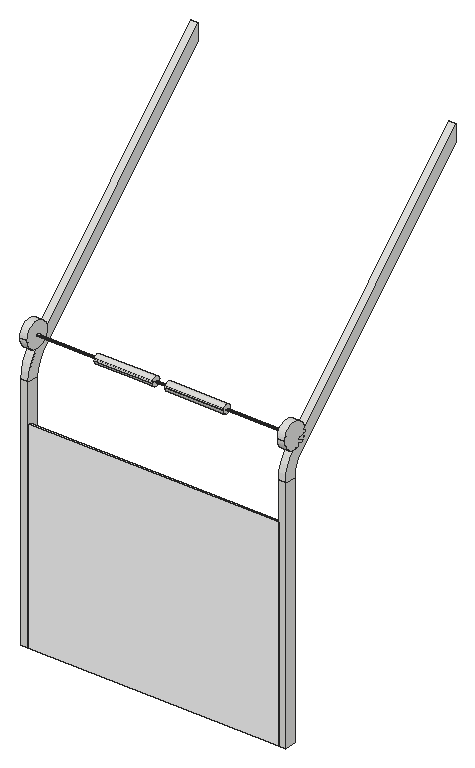
Revit family "Cruiserweight-NI-LH-1212P", category Generic Models, host Wall, Revit 2026
Family settings
  Host = Wall
  Can host rebar = No
  Round Connector Dimension = Use Diameter
  Part Type = Normal
  Always vertical = Yes
  Cut with Voids When Loaded = Yes
  Maintain Annotation Orientation = No
  Shared = No
  Room Calculation Point = No
Parameters (values of type "10' x 8'")
  VerticalTrack = TrackHeight - (1' 6")  # 9' - 6"
  Type Comments = "Non-Insulated"  # constant formula
  TrackWidth = 0' - 3 1/2"
  TrackHeight = OpeningHeight + HeadRoom  # 11' - 0"
  TrackDepth = 0' - 5 3/8"
  PanelSize = 2' - 0"  # constant formula
  OpeningWidth = 10' - 0"
  OpeningHeight = 8' - 0"
  Model = "Cruiserweight"  # constant formula
  Manufacturer = "TKO"  # constant formula
  HorizTrack = OpeningHeight - HeadRoom + 2' 0"  # 7' - 0"
  HeadRoom = 3' - 0"  # constant formula
  DoorThk = 0' - 0 3/4"  # constant formula
  Description = "Sectional Door"  # constant formula
  Default Elevation = 0' - 0"
Types (10): name | VerticalTrack | TrackHeight | OpeningWidth | OpeningHeight | HorizTrack
  (no name) | 9' - 6" | 11' - 0" | 10' - 0" | 8' - 0" | 7' - 0"
  8' x 10' | 11' - 6" | 13' - 0" | 8' - 0" | 10' - 0" | 9' - 0"
  9' x 10' | 11' - 6" | 13' - 0" | 9' - 0" | 10' - 0" | 9' - 0"
  10' x 10' | 11' - 6" | 13' - 0" | 10' - 0" | 10' - 0" | 9' - 0"
  10' x 8' | 9' - 6" | 11' - 0" | 10' - 0" | 8' - 0" | 7' - 0"
  10' x 9' | 10' - 6" | 12' - 0" | 10' - 0" | 9' - 0" | 8' - 0"
  8' x 9' | 10' - 6" | 12' - 0" | 8' - 0" | 9' - 0" | 8' - 0"
  8' x 8' | 9' - 6" | 11' - 0" | 8' - 0" | 8' - 0" | 7' - 0"
  9' x 9' | 10' - 6" | 12' - 0" | 9' - 0" | 9' - 0" | 8' - 0"
  9' x 8' | 10' - 6" | 12' - 0" | 9' - 0" | 9' - 0" | 8' - 0"
Reference planes (in)
  plane 1: y = 0
  plane 2 "Center (Left/Right)": x = 0
  plane 3 "Wall Edge": y = 3
  plane 4: x = -60
  plane 5: x = 60
  plane 6: z = 96
  plane 7: y = 3
  plane 8: y = 3.75
  plane 9: z = 24
  plane 10: z = 48
  plane 11: z = 72
  plane 12: x = -63.5
  plane 13: x = 63.5
  plane 14: y = 8.375
  plane 15: z = 132
  plane 16: z = 96
  plane 17: z = 120
  plane 18: x = -3
  plane 19: x = 3
  plane 20: x = 31
  plane 21: x = -31
  plane 22: z = 114
  plane 23: y = 21
  plane 24: y = 105
  plane 25: y = 12
Forms (in)
  Extrusion 1, void
    sketch origin (0, 3, 0) x (1, 0, 0) y (0, 0, 1)
      loop
        line (60, 96) -> (-60, 96) -> (-60, 0) -> (60, 0) -> (60, 96)
    from 0 to 6
  Extrusion 2, solid, material "DOOR PANEL"
    sketch origin (0, 0, 0) x (1, 0, 0) y (0, 1, 0)
      loop
        line (-60, 3.75) -> (-60, 3) -> (60, 3) -> (60, 3.75) -> (-60, 3.75)
    from 0 to 96
  Extrusion 3, solid, material "Steel"
    sketch origin (0, 0, 0) x (1, 0, 0) y (0, 1, 0)
      loop
        line (-63.5, 8.375) -> (-63.5, 3) -> (-60, 3) -> (-60, 8.375) -> (-63.5, 8.375)
      loop
        line (60, 8.375) -> (60, 3) -> (63.5, 3) -> (63.5, 8.375) -> (60, 8.375)
    from 0 to 114
  Extrusion 4, solid, material "Steel"
    sketch origin (0, 0, 0) x (0, 1, 0) y (0, 0, 1)
      loop
        circle (8.375, 132) r 6
    from 60 to 63.5
  Extrusion 5, solid, material "Steel"
    sketch origin (0, -31.65515, 15.61709) x (0, 1, 0) y (0, 0, -1)
      loop
        circle (40.03015, -116.38291) r 6
    from 60 to 63.5
  Extrusion 6, solid, material "Steel"
    sketch origin (0, 0, 0) x (0, 1, 0) y (0, 0, 1)
      loop
        circle (8.375, 132) r 0.5
    from -60 to 60
  Extrusion 7, solid, material "Steel"
    sketch origin (0, 0, 0) x (0, 1, 0) y (0, 0, 1)
      loop
        circle (8.375, 132) r 2
    from 3 to 31
  Extrusion 8, solid, material "Steel"
    sketch origin (0, 0, 0) x (0, 1, 0) y (0, 0, -1)
      loop
        circle (8.375, -132) r 2
    from 3 to 31
  Extrusion 9, solid, material "Steel"
    sketch origin (0, 0, 0) x (0, 1, 0) y (0, 0, 1)
      loop
        arc (8.397, 114) -> (9.33226, 118.77859) -> (12, 122.852) r 12.6755
        line (12, 122.852) -> (105, 215.852) -> (105, 223.45404) -> (8.42432, 126.87836)
        arc (8.42432, 126.87836) -> (4.42712, 120.98283) -> (3.02178, 114) r 18.05074
        line (3.02178, 114) -> (8.397, 114)
    from 60 to 63.5
  Extrusion 10, solid, material "Steel"
    sketch origin (0, 0, 0) x (0, 1, 0) y (0, 0, -1)
      loop
        line (8.397, -114) -> (3.02178, -114)
        arc (3.02178, -114) -> (4.42712, -120.98283) -> (8.42432, -126.87836) r 18.05074
        line (8.42432, -126.87836) -> (105, -223.45404) -> (105, -215.852) -> (12, -122.852)
        arc (12, -122.852) -> (9.33226, -118.77859) -> (8.397, -114) r 12.6755
    from 60 to 63.5
Cuts and joins
  joined: Extrusion 3, Extrusion 4, Extrusion 5
Lines and regions (in)
  model lines
    curve 1: line (60, 3, 24) -> (-60, 3, 24)
    curve 2: line (-60, 3, 48) -> (60, 3, 48)
    curve 3: line (60, 3, 72) -> (-60, 3, 72)
    curve 4: line (60, 3, 96) -> (-60, 3, 96)
    curve 5: line (60, 3, 120) -> (-60, 3, 120)
Text (in)
  text "Placement Side" at (0, 40.15149, 123.01588), in view "Right"
  text "Placement Side" at (-70.3804, 83.26548, 0), in view "Ref. Level"
  text "Placement Side" at (0, 81.62555, 140.59947), in view "Left"
Dimensions and locks (in)
  locked: plane 3 "Wall Edge" to host wall
  equal spacing: plane 5, plane 2 "Center (Left/Right)", plane 4
  "OpeningWidth": plane 5 to plane 4
  "DoorThk": plane 7 to plane 8
  "TrackDepth": plane 14 to plane 7
  "TrackWidth": plane 12 to plane 4
  "TrackWidth": plane 5 to plane 13
  "PanelSize": plane 9 to level
  equal spacing: plane 17, plane 16, plane 11, plane 10, plane 9, level
  "OpeningHeight": level to plane 6
  equal spacing: plane 18, plane 2 "Center (Left/Right)", plane 19, locked at 3 each
  locked: plane 21 to plane 18 at 28
  locked: plane 19 to plane 20 at 28
  "VerticalTrack": level to plane 22
  "HeadRoom": plane 6 to plane 15
  locked: plane 7 to plane 23 at 18
  "HorizTrack": plane 24 to plane 23
  locked: plane 7 to plane 25 at 9
  radius of Extrusion 4 sketch curve = 0' - 6"
  radius of Extrusion 5 sketch curve = 0' - 6"
  radius of Extrusion 6 sketch curve = 0' - 0 1/2"
  radius of Extrusion 7 sketch curve = 0' - 2"
  radius of Extrusion 8 sketch curve = 0' - 2"
  radius of Extrusion 9 sketch curve = 1' - 6.05074"
  radius of Extrusion 9 sketch curve = 1' - 0.6755"
  radius of Extrusion 10 sketch curve = 1' - 6.05074"
  radius of Extrusion 10 sketch curve = 1' - 0.6755"
  locked: plane 22 to Extrusion 9 sketch curve (angle 45.00°)  (x2)
  aligned and locked: host wall to plane 7
  aligned and locked: Extrusion 1 sketch curve to plane 5
  aligned and locked: Extrusion 1 sketch curve to plane 4
  aligned and locked: Extrusion 1 to plane 7
  aligned and locked: host wall to Extrusion 1
  aligned and locked: Extrusion 2 to plane 3 "Wall Edge"
  aligned and locked: plane 8 to Extrusion 2
  aligned and locked: Extrusion 2 to plane 6
  aligned and locked: Extrusion 3 sketch curve to plane 14  (x2)
  aligned and locked: Extrusion 3 sketch curve to plane 12
  aligned and locked: curve 1 to Extrusion 3 sketch curve
  aligned and locked: plane 5 to Extrusion 3 sketch curve
  aligned and locked: Extrusion 3 sketch curve to plane 7
  aligned and locked: Extrusion 3 sketch curve to plane 13
  aligned and locked: plane 15 to Extrusion 4 sketch curve
  aligned and locked: Extrusion 4 to plane 13
  aligned and locked: Extrusion 4 to plane 5
  aligned and locked: plane 4 to Extrusion 5
  aligned and locked: Extrusion 5 to plane 12
  aligned and locked: curve 2 to plane 10
  aligned and locked: curve 3 to plane 11
  aligned and locked: curve 1 to plane 9
  aligned and locked: plane 5 to Extrusion 6
  aligned and locked: Extrusion 6 to plane 4
  aligned and locked: cut or joined group of Extrusion 3, Extrusion 4, Extrusion 5 to level
  aligned and locked: Extrusion 2 to level
  aligned and locked: curve 4 to plane 16
  aligned and locked: curve 5 to plane 17
  aligned and locked: level to Extrusion 2
  aligned and locked: Extrusion 1 sketch curve to level
  aligned and locked: Extrusion 1 sketch curve to plane 6
  aligned and locked: plane 15 to Extrusion 7 sketch curve
  aligned and locked: plane 14 to Extrusion 7 sketch curve
  aligned and locked: Extrusion 7 to plane 20
  aligned and locked: plane 19 to Extrusion 7
  aligned and locked: Extrusion 8 to plane 18
  aligned and locked: plane 21 to Extrusion 8
  aligned and locked: plane 15 to Extrusion 8 sketch curve
  aligned and locked: plane 14 to Extrusion 8 sketch curve
  aligned and locked: plane 22 to cut or joined group of Extrusion 3, Extrusion 4, Extrusion 5
  aligned and locked: plane 22 to Extrusion 9 sketch curve
  aligned and locked: cut or joined group of Extrusion 3, Extrusion 4, Extrusion 5 to Extrusion 9
  aligned and locked: Extrusion 9 to plane 5
  aligned and locked: plane 13 to Extrusion 9
  aligned and locked: plane 5 to Extrusion 9  (x2)
  aligned and locked: plane 25 to Extrusion 9 sketch curve
  aligned and locked: plane 24 to Extrusion 9 sketch curve
  aligned and locked: Extrusion 9 to plane 13
  aligned and locked: plane 24 to Extrusion 10
  aligned and locked: plane 4 to Extrusion 10
  aligned and locked: Extrusion 10 to plane 12
  aligned and locked: Extrusion 10 sketch curve to Extrusion 9  (x2)
  aligned and locked: plane 15 to Extrusion 5 sketch curve
  aligned and locked: plane 14 to Extrusion 5 sketch curve
  aligned and locked: Extrusion 2 to plane 4
  aligned and locked: Extrusion 2 to plane 5
  aligned and locked: plane 4 to cut or joined group of Extrusion 3, Extrusion 4, Extrusion 5
Automatic sketch dimensions
  Extrusion 2 sketch curve to host wall = 0' - 0"
  Extrusion 2 sketch curve to plane 4 = 0' - 0"
  plane 5 to Extrusion 2 sketch curve = 0' - 0"
  Extrusion 2 sketch curve to plane 8 = 0' - 0"
  curve 3 to plane 4 = 0' - 0"
  curve 1 to plane 4 = 0' - 0"
  curve 2 to plane 4 = 0' - 0"
  curve 4 to plane 4 = 0' - 0"
  curve 5 to plane 4 = 0' - 0"
  curve 4 to plane 5 = 0' - 0"
  curve 2 to plane 5 = 0' - 0"
  curve 5 to plane 5 = 0' - 0"
  curve 1 to plane 5 = 0' - 0"
  curve 3 to plane 5 = 0' - 0"
  plane 4 to Extrusion 3 sketch curve = 0' - 0"
  Extrusion 3 sketch curve to plane 13 = 0' - 0"
  Extrusion 6 sketch curve to plane 15 = 0' - 0"
  plane 14 to Extrusion 9 sketch curve = 0' - 0.04932"
  plane 14 to Extrusion 9 sketch curve = 0' - 0.022"
  host wall to Extrusion 9 sketch curve = 0' - 0.02178"
  Extrusion 10 sketch curve to plane 22 = 0' - 0"
  Extrusion 10 sketch curve to plane 25 = 0' - 0"
  plane 24 to Extrusion 10 sketch curve = 0' - 0"
  host wall to Extrusion 10 sketch curve = 0' - 0.02178"
  Extrusion 4 sketch curve to plane 14 = 0' - 0"
  Extrusion 6 sketch curve to plane 14 = 0' - 0"
